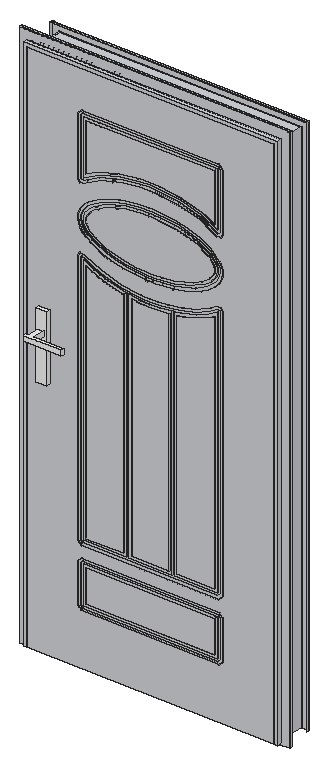
Revit family "GRANIT_4", category Drzwi, Revit 2016
Family settings
  Obiekt nadrzędny = Ściana
  Zawsze pionowo = Tak
  Tnij formami wycięć po wczytaniu = Nie
  Współdzielony = Nie
  Punkt obliczania pomieszczeń = Nie
Parameters (values of type "PN 90")
  URL = "www.porta.com.pl"
  SB = 964 mm
  Producent = "PORTA KMI POLAND"  # constant formula
  Keynote = ""
  Opis = "Własność Porta KMI Poland, wszelkie prawa zastrzeżone."  # constant formula
  Odwzorowanie ramy - zewnętrzne = 25 mm
  Odwzorowanie ramy - wewnętrzne = 25 mm
  Szerokość ramy = 75 mm
  Wysokość = 2056 mm
  Zakończenie ściany = Wg obiektu nadrzędnego
  Szerokość = 984 mm
  Materiał skrzydła [instance] = none
  Materiał ościeżnicy [instance] = none
  Materiał klamki [instance] = none
  Konstrukcja analityczna = "<Brak>"
  Informacja = ""
  Funkcja = Wewnętrzna
Reference planes
  plane 1: y = 0
  plane 2 "Środek (Lewa/Prawa)": x = 0
  plane 3 "Lewy": x = -492
  plane 4 "Prawy": x = 492
  plane 5: z = 2056
  plane 6 "Zewnętrzna": y = 75
  plane 7 "Wewnętrzna": y = -75
  plane 8: z = 184.239
  plane 9: y = -81.983
  plane 10: z = 1520.205
Forms (mm)
  Sweep 1, solid, material <- "Materiał ościeżnicy"
    path in 3D
      loop
        line (-492, -75, 0) -> (-492, -75, 2056) -> (492, -75, 2056) -> (492, -75, 0)
    profile origin (-492, -75, 1028) x (0, -1, 0) y (1, 0, 0)
      loop
        line (8.8, 22.5) -> (8.8, -12.5)
        arc (8.8, -12.5) -> (8.419, -13.419) -> (7.5, -13.8) r 1.3
        line (7.5, -13.8) -> (0, -13.8) -> (0, -15) -> (7.5, -15)
        arc (7.5, -15) -> (9.268, -14.268) -> (10, -12.5) r 2.5
        line (10, -12.5) -> (10, 22.5)
        arc (10, 22.5) -> (9.268, 24.268) -> (7.5, 25) r 2.5
        line (7.5, 25) -> (-33.505, 25)
        arc (-33.505, 25) -> (-34.212, 25.293) -> (-34.505, 26) r 1
        line (-34.505, 26) -> (-34.505, 34.5)
        arc (-34.505, 34.5) -> (-34.212, 35.207) -> (-33.505, 35.5) r 1
        line (-33.505, 35.5) -> (-26.255, 35.5)
        arc (-26.255, 35.5) -> (-24.005, 37.75) -> (-26.255, 40) r 2.25
        line (-26.255, 40) -> (-107.5, 40)
        arc (-107.5, 40) -> (-109.268, 39.268) -> (-110, 37.5) r 2.5
        line (-110, 37.5) -> (-110, 12.5)
        arc (-110, 12.5) -> (-109.268, 10.732) -> (-107.5, 10) r 2.5
        line (-107.5, 10) -> (-100, 10) -> (-100, 11.2) -> (-107.5, 11.2)
        arc (-107.5, 11.2) -> (-108.419, 11.581) -> (-108.8, 12.5) r 1.3
        line (-108.8, 12.5) -> (-108.8, 37.5)
        arc (-108.8, 37.5) -> (-108.419, 38.419) -> (-107.5, 38.8) r 1.3
        line (-107.5, 38.8) -> (-26.255, 38.8)
        arc (-26.255, 38.8) -> (-25.205, 37.75) -> (-26.255, 36.7) r 1.05
        line (-26.255, 36.7) -> (-33.505, 36.7)
        arc (-33.505, 36.7) -> (-35.06, 36.056) -> (-35.705, 34.5) r 2.2
        line (-35.705, 34.5) -> (-35.705, 26)
        arc (-35.705, 26) -> (-35.06, 24.444) -> (-33.505, 23.8) r 2.2
        line (-33.505, 23.8) -> (7.5, 23.8)
        arc (7.5, 23.8) -> (8.419, 23.419) -> (8.8, 22.5) r 1.3
      loop
        arc (-18.755, 35) -> (-20.219, 38.536) -> (-23.755, 40) r 5
        line (-23.755, 40) -> (-23.755, 34) -> (-31.755, 34) -> (-31.755, 26) -> (-18.755, 26) -> (-18.755, 35)
  Extrusion 2, solid, material <- "Materiał skrzydła"
    sketch origin (0, -75, 0) x (1, 0, 0) y (0, 0, 1)
      loop
        line (-463, 2023.457) -> (-463, 8.303) -> (463.032, 8.303) -> (463.032, 2023.457) -> (-463, 2023.457)
    from -17.017 to 30.983
  Sweep 3, solid, material <- "Materiał skrzydła"
    path in 3D
      loop
        line (463.032, -105.983, 8.303) -> (463.032, -105.983, 2023.457) -> (-463, -105.983, 2023.457) -> (-463, -105.983, 8.303)
    profile origin (-463, -105.983, 1015.88) x (-1, 0, 0) y (0, -1, 0)
      loop
        line (0, 0) -> (0, -18) -> (13, -18) -> (13, 0) -> (0, 0)
  Extrusion 4, void
    sketch origin (0, -75, 0) x (1, 0, 0) y (0, 0, 1)
      loop
        line (-272, 1869.742) -> (-272, 1651.091) -> (-264.5, 1638.101) -> (-249.5, 1638.101) -> (-185.194, 1670.866) -> (-107.92, 1691.572) -> (-35.149, 1700.507) -> (0, 1701.734) -> (35.149, 1700.507) -> (107.92, 1691.572) -> (185.194, 1670.866) -> (249.5, 1638.101) -> (264.5, 1638.101) -> (272, 1651.091) -> (272, 1869.742) -> (257, 1884.742) -> (-257, 1884.742) -> (-272, 1869.742)
      loop
        line (272, 1392.296) -> (264.042, 1405.54) -> (248.612, 1404.731) -> (213.627, 1385.339) -> (168.702, 1368.094) -> (110.747, 1352.564) -> (75.269, 1346.945) -> (34.534, 1342.664) -> (0, 1341.458) -> (-34.534, 1342.664) -> (-75.269, 1346.945) -> (-110.747, 1352.564) -> (-168.702, 1368.094) -> (-213.627, 1385.339) -> (-248.612, 1404.731) -> (-264.042, 1405.54) -> (-272, 1392.296) -> (-272, 436.645) -> (-257, 421.645) -> (257, 421.645) -> (272, 436.645) -> (272, 1392.296)
      loop
        line (257, 381.645) -> (-257, 381.645) -> (-272, 366.645) -> (-272, 216.645) -> (-257, 201.645) -> (257, 201.645) -> (272, 216.645) -> (272, 366.645) -> (257, 381.645)
      loop
        line (0, 1646.767) -> (-43.234, 1644.501) -> (-97.932, 1638.752) -> (-141.779, 1628.629) -> (-188.764, 1611.528) -> (-225.745, 1591.029) -> (-243.098, 1577.952) -> (-263.794, 1551.463) -> (-271.172, 1534.081) -> (-272.168, 1522.705) -> (-272.168, 1517.705) -> (-268.509, 1501.858) -> (-259.032, 1483.259) -> (-242.304, 1464.68) -> (-215.369, 1445.111) -> (-173.259, 1425.474) -> (-136.709, 1413.599) -> (-93.981, 1404.516) -> (-52.361, 1398.667) -> (-14.167, 1396.666) -> (0, 1396.666) -> (14.167, 1396.666) -> (52.361, 1398.667) -> (93.981, 1404.516) -> (136.709, 1413.599) -> (173.259, 1425.474) -> (215.369, 1445.111) -> (242.304, 1464.68) -> (259.032, 1483.259) -> (268.509, 1501.858) -> (272.168, 1517.705) -> (272.168, 1522.705) -> (271.172, 1534.081) -> (263.794, 1551.463) -> (243.098, 1577.952) -> (225.745, 1591.029) -> (188.764, 1611.528) -> (141.779, 1628.629) -> (97.932, 1638.752) -> (43.234, 1644.501) -> (0, 1646.767)
      loop
        line (-242, 451.645) -> (-101, 451.645) -> (-101, 1320.647) -> (-116.993, 1323.18) -> (-177.985, 1339.523) -> (-226.337, 1358.083) -> (-242, 1366.765) -> (-242, 451.645)
      loop
        line (-71, 1316.331) -> (-71, 451.645) -> (71, 451.645) -> (71, 1316.331) -> (36.628, 1312.719) -> (0, 1311.44) -> (-36.628, 1312.719) -> (-71, 1316.331)
      loop
        line (116.993, 1323.18) -> (101, 1320.647) -> (101, 451.645) -> (242, 451.645) -> (242, 1366.765) -> (226.337, 1358.083) -> (177.985, 1339.523) -> (116.993, 1323.18)
      loop
        line (-241.701, 1526.732) -> (-242.185, 1521.197) -> (-240.107, 1512.196) -> (-234.095, 1500.398) -> (-222.12, 1487.097) -> (-200.072, 1471.079) -> (-162.243, 1453.439) -> (-128.934, 1442.616) -> (-88.768, 1434.079) -> (-49.483, 1428.558) -> (-13.381, 1426.666) -> (0, 1426.666) -> (13.381, 1426.666) -> (49.483, 1428.558) -> (88.768, 1434.079) -> (128.934, 1442.616) -> (162.243, 1453.439) -> (200.072, 1471.079) -> (222.12, 1487.097) -> (234.095, 1500.398) -> (240.107, 1512.196) -> (242.185, 1521.197) -> (241.701, 1526.732) -> (237.722, 1536.106) -> (221.89, 1556.37) -> (209.366, 1565.808) -> (176.284, 1584.145) -> (133.243, 1599.811) -> (92.972, 1609.108) -> (40.879, 1614.583) -> (0, 1616.726) -> (-40.879, 1614.583) -> (-92.972, 1609.108) -> (-133.243, 1599.811) -> (-176.284, 1584.145) -> (-209.366, 1565.808) -> (-221.89, 1556.37) -> (-237.722, 1536.106) -> (-241.701, 1526.732)
      loop
        line (-242, 1854.742) -> (-242, 1675.592) -> (-196.005, 1699.028) -> (-113.659, 1721.092) -> (-37.505, 1730.443) -> (0, 1731.753) -> (37.505, 1730.443) -> (113.659, 1721.092) -> (196.005, 1699.028) -> (242, 1675.592) -> (242, 1854.742) -> (-242, 1854.742)
      loop
        line (-242, 231.645) -> (242, 231.645) -> (242, 351.645) -> (-242, 351.645) -> (-242, 231.645)
    from 28.362 to 30.983
  Extrusion 5, void
    sketch origin (0, -75, 0) x (1, 0, 0) y (0, 0, 1)
      loop
        line (-272, 1869.742) -> (-272, 1651.091) -> (-264.5, 1638.101) -> (-249.5, 1638.101) -> (-185.194, 1670.866) -> (-107.92, 1691.572) -> (-35.149, 1700.507) -> (0, 1701.734) -> (35.149, 1700.507) -> (107.92, 1691.572) -> (185.194, 1670.866) -> (249.5, 1638.101) -> (264.5, 1638.101) -> (272, 1651.091) -> (272, 1869.742) -> (257, 1884.742) -> (-257, 1884.742) -> (-272, 1869.742)
      loop
        line (272, 1392.296) -> (264.042, 1405.54) -> (248.612, 1404.731) -> (213.627, 1385.339) -> (168.702, 1368.094) -> (110.747, 1352.564) -> (75.269, 1346.945) -> (34.534, 1342.664) -> (0, 1341.458) -> (-34.534, 1342.664) -> (-75.269, 1346.945) -> (-110.747, 1352.564) -> (-168.702, 1368.094) -> (-213.627, 1385.339) -> (-248.612, 1404.731) -> (-264.042, 1405.54) -> (-272, 1392.296) -> (-272, 436.645) -> (-257, 421.645) -> (257, 421.645) -> (272, 436.645) -> (272, 1392.296)
      loop
        line (257, 381.645) -> (-257, 381.645) -> (-272, 366.645) -> (-272, 216.645) -> (-257, 201.645) -> (257, 201.645) -> (272, 216.645) -> (272, 366.645) -> (257, 381.645)
      loop
        line (0, 1646.767) -> (-43.234, 1644.501) -> (-97.932, 1638.752) -> (-141.779, 1628.629) -> (-188.764, 1611.528) -> (-225.745, 1591.029) -> (-243.098, 1577.952) -> (-263.794, 1551.463) -> (-271.172, 1534.081) -> (-272.168, 1522.705) -> (-272.168, 1517.705) -> (-268.509, 1501.858) -> (-259.032, 1483.259) -> (-242.304, 1464.68) -> (-215.369, 1445.111) -> (-173.259, 1425.474) -> (-136.709, 1413.599) -> (-93.981, 1404.516) -> (-52.361, 1398.667) -> (-14.167, 1396.666) -> (0, 1396.666) -> (14.167, 1396.666) -> (52.361, 1398.667) -> (93.981, 1404.516) -> (136.709, 1413.599) -> (173.259, 1425.474) -> (215.369, 1445.111) -> (242.304, 1464.68) -> (259.032, 1483.259) -> (268.509, 1501.858) -> (272.168, 1517.705) -> (272.168, 1522.705) -> (271.172, 1534.081) -> (263.794, 1551.463) -> (243.098, 1577.952) -> (225.745, 1591.029) -> (188.764, 1611.528) -> (141.779, 1628.629) -> (97.932, 1638.752) -> (43.234, 1644.501) -> (0, 1646.767)
      loop
        line (-242, 451.645) -> (-101, 451.645) -> (-101, 1320.647) -> (-116.993, 1323.18) -> (-177.985, 1339.523) -> (-226.337, 1358.083) -> (-242, 1366.765) -> (-242, 451.645)
      loop
        line (-71, 1316.331) -> (-71, 451.645) -> (71, 451.645) -> (71, 1316.331) -> (36.628, 1312.719) -> (0, 1311.44) -> (-36.628, 1312.719) -> (-71, 1316.331)
      loop
        line (116.993, 1323.18) -> (101, 1320.647) -> (101, 451.645) -> (242, 451.645) -> (242, 1366.765) -> (226.337, 1358.083) -> (177.985, 1339.523) -> (116.993, 1323.18)
      loop
        line (-241.701, 1526.732) -> (-242.185, 1521.197) -> (-240.107, 1512.196) -> (-234.095, 1500.398) -> (-222.12, 1487.097) -> (-200.072, 1471.079) -> (-162.243, 1453.439) -> (-128.934, 1442.616) -> (-88.768, 1434.079) -> (-49.483, 1428.558) -> (-13.381, 1426.666) -> (0, 1426.666) -> (13.381, 1426.666) -> (49.483, 1428.558) -> (88.768, 1434.079) -> (128.934, 1442.616) -> (162.243, 1453.439) -> (200.072, 1471.079) -> (222.12, 1487.097) -> (234.095, 1500.398) -> (240.107, 1512.196) -> (242.185, 1521.197) -> (241.701, 1526.732) -> (237.722, 1536.106) -> (221.89, 1556.37) -> (209.366, 1565.808) -> (176.284, 1584.145) -> (133.243, 1599.811) -> (92.972, 1609.108) -> (40.879, 1614.583) -> (0, 1616.726) -> (-40.879, 1614.583) -> (-92.972, 1609.108) -> (-133.243, 1599.811) -> (-176.284, 1584.145) -> (-209.366, 1565.808) -> (-221.89, 1556.37) -> (-237.722, 1536.106) -> (-241.701, 1526.732)
      loop
        line (-242, 1854.742) -> (-242, 1675.592) -> (-196.005, 1699.028) -> (-113.659, 1721.092) -> (-37.505, 1730.443) -> (0, 1731.753) -> (37.505, 1730.443) -> (113.659, 1721.092) -> (196.005, 1699.028) -> (242, 1675.592) -> (242, 1854.742) -> (-242, 1854.742)
      loop
        line (-242, 231.645) -> (242, 231.645) -> (242, 351.645) -> (-242, 351.645) -> (-242, 231.645)
    from -17.017 to -14.371
  Sweep 6, solid, material <- "Materiał skrzydła"
    path in 3D
      loop
        line (-272, -105.983, 1869.742) -> (-257, -105.983, 1884.742) -> (257, -105.983, 1884.742) -> (272, -105.983, 1869.742) -> (272, -105.983, 1651.091) -> (264.5, -105.983, 1638.101) -> (249.5, -105.983, 1638.101) -> (185.194, -105.983, 1670.866) -> (107.92, -105.983, 1691.572) -> (35.149, -105.983, 1700.507) -> (0, -105.983, 1701.734) -> (-35.149, -105.983, 1700.507) -> (-107.92, -105.983, 1691.572) -> (-185.194, -105.983, 1670.866) -> (-249.5, -105.983, 1638.101) -> (-264.5, -105.983, 1638.101) -> (-272, -105.983, 1651.091) -> (-272, -105.983, 1869.742)
    profile origin (-272, -105.983, 1760.417) x (0, -1, 0) y (1, 0, 0)
      loop
        line (-1.31, 0) -> (-1.31, 10) -> (-2.621, 10) -> (-2.621, 0) -> (-1.31, 0)
      loop
        line (-46.69, 0) -> (-45.379, 0) -> (-45.379, 10) -> (-46.69, 10) -> (-46.69, 0)
  Sweep 7, solid, material <- "Materiał skrzydła"
    path in 3D
      loop
        line (-242, -105.983, 1675.592) -> (-196.005, -105.983, 1699.028) -> (-113.659, -105.983, 1721.092) -> (-37.505, -105.983, 1730.443) -> (0, -105.983, 1731.753) -> (37.505, -105.983, 1730.443) -> (113.659, -105.983, 1721.092) -> (196.005, -105.983, 1699.028) -> (242, -105.983, 1675.592) -> (242, -105.983, 1854.742) -> (-242, -105.983, 1854.742) -> (-242, -105.983, 1675.592)
    profile origin (-242, -105.983, 1765.167) x (-1, 0, 0) y (0, -1, 0)
      loop
        line (0, -1.31) -> (0, -2.621) -> (10, -2.621) -> (10, -1.31) -> (0, -1.31)
      loop
        line (0, -46.69) -> (10, -46.69) -> (10, -45.379) -> (0, -45.379) -> (0, -46.69)
  Sweep 8, solid, material <- "Materiał skrzydła"
    path in 3D
      loop
        line (-272.168, -105.983, 1522.705) -> (-271.172, -105.983, 1534.081) -> (-263.794, -105.983, 1551.463) -> (-243.098, -105.983, 1577.952) -> (-225.745, -105.983, 1591.029) -> (-188.764, -105.983, 1611.528) -> (-141.779, -105.983, 1628.629) -> (-97.932, -105.983, 1638.752) -> (-43.234, -105.983, 1644.501) -> (0, -105.983, 1646.767) -> (43.234, -105.983, 1644.501) -> (97.932, -105.983, 1638.752) -> (141.779, -105.983, 1628.629) -> (188.764, -105.983, 1611.528) -> (225.745, -105.983, 1591.029) -> (243.098, -105.983, 1577.952) -> (263.794, -105.983, 1551.463) -> (271.172, -105.983, 1534.081) -> (272.168, -105.983, 1522.705) -> (272.168, -105.983, 1517.705) -> (268.509, -105.983, 1501.858) -> (259.032, -105.983, 1483.259) -> (242.304, -105.983, 1464.68) -> (215.369, -105.983, 1445.111) -> (173.259, -105.983, 1425.474) -> (136.709, -105.983, 1413.599) -> (93.981, -105.983, 1404.516) -> (52.361, -105.983, 1398.667) -> (14.167, -105.983, 1396.666) -> (0, -105.983, 1396.666) -> (-14.167, -105.983, 1396.666) -> (-52.361, -105.983, 1398.667) -> (-93.981, -105.983, 1404.516) -> (-136.709, -105.983, 1413.599) -> (-173.259, -105.983, 1425.474) -> (-215.369, -105.983, 1445.111) -> (-242.304, -105.983, 1464.68) -> (-259.032, -105.983, 1483.259) -> (-268.509, -105.983, 1501.858) -> (-272.168, -105.983, 1517.705) -> (-272.168, -105.983, 1522.705)
    profile origin (-272.168, -105.983, 1520.205) x (0, -1, 0) y (1, 0, 0)
      loop
        line (-1.31, 0) -> (-1.31, 10.168) -> (-2.621, 10.168) -> (-2.621, 0) -> (-1.31, 0)
      loop
        line (-46.69, 0) -> (-45.379, 0) -> (-45.379, 10.168) -> (-46.69, 10.168) -> (-46.69, 0)
  Sweep 9, solid, material <- "Materiał skrzydła"
    path in 3D
      loop
        line (13.381, -105.983, 1426.666) -> (49.483, -105.983, 1428.558) -> (88.768, -105.983, 1434.079) -> (128.934, -105.983, 1442.616) -> (162.243, -105.983, 1453.439) -> (200.072, -105.983, 1471.079) -> (222.12, -105.983, 1487.097) -> (234.095, -105.983, 1500.398) -> (240.107, -105.983, 1512.196) -> (242.185, -105.983, 1521.197) -> (241.701, -105.983, 1526.732) -> (237.722, -105.983, 1536.106) -> (221.89, -105.983, 1556.37) -> (209.366, -105.983, 1565.808) -> (176.284, -105.983, 1584.145) -> (133.243, -105.983, 1599.811) -> (92.972, -105.983, 1609.108) -> (40.879, -105.983, 1614.583) -> (0, -105.983, 1616.726) -> (-40.879, -105.983, 1614.583) -> (-92.972, -105.983, 1609.108) -> (-133.243, -105.983, 1599.811) -> (-176.284, -105.983, 1584.145) -> (-209.366, -105.983, 1565.808) -> (-221.89, -105.983, 1556.37) -> (-237.722, -105.983, 1536.106) -> (-241.701, -105.983, 1526.732) -> (-242.185, -105.983, 1521.197) -> (-240.107, -105.983, 1512.196) -> (-234.095, -105.983, 1500.398) -> (-222.12, -105.983, 1487.097) -> (-200.072, -105.983, 1471.079) -> (-162.243, -105.983, 1453.439) -> (-128.934, -105.983, 1442.616) -> (-88.768, -105.983, 1434.079) -> (-49.483, -105.983, 1428.558) -> (-13.381, -105.983, 1426.666) -> (0, -105.983, 1426.666) -> (13.381, -105.983, 1426.666)
    profile origin (6.691, -105.983, 1426.666) x (0, -1, 0) y (0, 0, -1)
      loop
        line (-1.31, 10) -> (-2.621, 10) -> (-2.621, 0) -> (-1.31, 0) -> (-1.31, 10)
      loop
        line (-46.69, 10) -> (-46.69, 0) -> (-45.379, 0) -> (-45.379, 10) -> (-46.69, 10)
  Sweep 10, solid, material <- "Materiał skrzydła"
    path in 3D
      loop
        line (-272, -105.983, 1392.296) -> (-264.042, -105.983, 1405.54) -> (-248.612, -105.983, 1404.731) -> (-213.627, -105.983, 1385.339) -> (-168.702, -105.983, 1368.094) -> (-110.747, -105.983, 1352.564) -> (-75.269, -105.983, 1346.945) -> (-34.534, -105.983, 1342.664) -> (0, -105.983, 1341.458) -> (34.534, -105.983, 1342.664) -> (75.269, -105.983, 1346.945) -> (110.747, -105.983, 1352.564) -> (168.702, -105.983, 1368.094) -> (213.627, -105.983, 1385.339) -> (248.612, -105.983, 1404.731) -> (264.042, -105.983, 1405.54) -> (272, -105.983, 1392.296) -> (272, -105.983, 436.645) -> (257, -105.983, 421.645) -> (-257, -105.983, 421.645) -> (-272, -105.983, 436.645) -> (-272, -105.983, 1392.296)
    profile origin (-272, -105.983, 914.47) x (0, -1, 0) y (1, 0, 0)
      loop
        line (-1.31, 0) -> (-1.31, 10) -> (-2.621, 10) -> (-2.621, 0) -> (-1.31, 0)
      loop
        line (-46.69, 0) -> (-45.379, 0) -> (-45.379, 10) -> (-46.69, 10) -> (-46.69, 0)
  Sweep 11, solid, material <- "Materiał skrzydła"
    path in 3D
      loop
        line (-242, -105.983, 451.645) -> (-101, -105.983, 451.645) -> (-101, -105.983, 1320.647) -> (-116.993, -105.983, 1323.18) -> (-177.985, -105.983, 1339.523) -> (-226.337, -105.983, 1358.083) -> (-242, -105.983, 1366.765) -> (-242, -105.983, 451.645)
    profile origin (-242, -105.983, 909.205) x (-1, 0, 0) y (0, -1, 0)
      loop
        line (0, -1.31) -> (0, -2.621) -> (10, -2.621) -> (10, -1.31) -> (0, -1.31)
      loop
        line (0, -46.69) -> (10, -46.69) -> (10, -45.379) -> (0, -45.379) -> (0, -46.69)
  Sweep 12, solid, material <- "Materiał skrzydła"
    path in 3D
      loop
        line (-71, -105.983, 451.645) -> (71, -105.983, 451.645) -> (71, -105.983, 1316.331) -> (36.628, -105.983, 1312.719) -> (0, -105.983, 1311.44) -> (-36.628, -105.983, 1312.719) -> (-71, -105.983, 1316.331) -> (-71, -105.983, 451.645)
    profile origin (-71, -105.983, 883.988) x (-1, 0, 0) y (0, -1, 0)
      loop
        line (0, -1.31) -> (0, -2.621) -> (10, -2.621) -> (10, -1.31) -> (0, -1.31)
      loop
        line (0, -46.69) -> (10, -46.69) -> (10, -45.379) -> (0, -45.379) -> (0, -46.69)
  Sweep 13, solid, material <- "Materiał skrzydła"
    path in 3D
      loop
        line (101, -105.983, 451.645) -> (242, -105.983, 451.645) -> (242, -105.983, 1366.765) -> (226.337, -105.983, 1358.083) -> (177.985, -105.983, 1339.523) -> (116.993, -105.983, 1323.18) -> (101, -105.983, 1320.647) -> (101, -105.983, 451.645)
    profile origin (101, -105.983, 886.146) x (-1, 0, 0) y (0, -1, 0)
      loop
        line (0, -1.31) -> (0, -2.621) -> (10, -2.621) -> (10, -1.31) -> (0, -1.31)
      loop
        line (0, -46.69) -> (10, -46.69) -> (10, -45.379) -> (0, -45.379) -> (0, -46.69)
  Sweep 14, solid, material <- "Materiał skrzydła"
    path in 3D
      loop
        line (-272, -105.983, 366.645) -> (-257, -105.983, 381.645) -> (257, -105.983, 381.645) -> (272, -105.983, 366.645) -> (272, -105.983, 216.645) -> (257, -105.983, 201.645) -> (-257, -105.983, 201.645) -> (-272, -105.983, 216.645) -> (-272, -105.983, 366.645)
    profile origin (-272, -105.983, 291.645) x (0, -1, 0) y (1, 0, 0)
      loop
        line (-1.31, 0) -> (-1.31, 10) -> (-2.621, 10) -> (-2.621, 0) -> (-1.31, 0)
      loop
        line (-46.69, 0) -> (-45.379, 0) -> (-45.379, 10) -> (-46.69, 10) -> (-46.69, 0)
  Sweep 15, solid, material <- "Materiał skrzydła"
    path in 3D
      loop
        line (-242, -105.983, 231.645) -> (242, -105.983, 231.645) -> (242, -105.983, 351.645) -> (-242, -105.983, 351.645) -> (-242, -105.983, 231.645)
    profile origin (-242, -105.983, 291.645) x (-1, 0, 0) y (0, -1, 0)
      loop
        line (0, -1.31) -> (0, -2.621) -> (10, -2.621) -> (10, -1.31) -> (0, -1.31)
      loop
        line (0, -46.69) -> (10, -46.69) -> (10, -45.379) -> (0, -45.379) -> (0, -46.69)
Cuts and joins
  Extrusion 4 cuts Sweep 1
  Extrusion 4, Extrusion 5 cuts Extrusion 2
  Extrusion 5 cuts Sweep 3
Lines and regions (mm)
  Opening 1
    outline origin (-3050, -75, 0) x (1, 0, 0) y (0, 0, 1)
      loop
        line (2558, 0) -> (3542, 0) -> (3542, 2056) -> (2558, 2056) -> (2558, 0)
  model lines, style "s-główna"
    curve 1: line (-525, 75, 0) -> (-520, 75, 0)
    curve 2: line (-522, -75, 0) -> (-527, -75, 0)
  symbolic lines
    curve 3: line (492, -75, 0) -> (492, -1059.257, 0)
    curve 4: line (492, -1059.257, 0) -> (444, -1059.257, 0)
    curve 5: line (444, -1059.257, 0) -> (444, -75, 0)
    curve 6: line (444, -75, 0) -> (492, -75, 0)
    curve 7: arc (-492, -75, 0) -> (-220.562, -753.61, 0) -> (444, -1057.829, 0) r 984
  sketch lines
    curve 8: line (-492, -75, 0) -> (-492, -75, 2056)
    curve 9: line (-492, -75, 2056) -> (492, -75, 2056)
    curve 10: line (492, -75, 2056) -> (492, -75, 0)
    curve 11: line (-463, -105.983, 2023.457) -> (-463, -105.983, 8.303)
    curve 12: line (463.032, -105.983, 2023.457) -> (-463, -105.983, 2023.457)
    curve 13: line (463.032, -105.983, 8.303) -> (463.032, -105.983, 2023.457)
    curve 14: line (-272, -105.983, 1651.091) -> (-272, -105.983, 1869.742)
    curve 15: line (-272, -105.983, 1869.742) -> (-257, -105.983, 1884.742)
    curve 16: line (-257, -105.983, 1884.742) -> (257, -105.983, 1884.742)
    curve 17: line (257, -105.983, 1884.742) -> (272, -105.983, 1869.742)
    curve 18: line (272, -105.983, 1869.742) -> (272, -105.983, 1651.091)
    curve 19: line (272, -105.983, 1651.091) -> (264.5, -105.983, 1638.101)
    curve 20: line (264.5, -105.983, 1638.101) -> (249.5, -105.983, 1638.101)
    curve 21: line (249.5, -105.983, 1638.101) -> (185.194, -105.983, 1670.866)
    curve 22: line (185.194, -105.983, 1670.866) -> (107.92, -105.983, 1691.572)
    curve 23: line (107.92, -105.983, 1691.572) -> (35.149, -105.983, 1700.507)
    curve 24: line (35.149, -105.983, 1700.507) -> (0, -105.983, 1701.734)
    curve 25: line (0, -105.983, 1701.734) -> (-35.149, -105.983, 1700.507)
    curve 26: line (-35.149, -105.983, 1700.507) -> (-107.92, -105.983, 1691.572)
    curve 27: line (-107.92, -105.983, 1691.572) -> (-185.194, -105.983, 1670.866)
    curve 28: line (-185.194, -105.983, 1670.866) -> (-249.5, -105.983, 1638.101)
    curve 29: line (-249.5, -105.983, 1638.101) -> (-264.5, -105.983, 1638.101)
    curve 30: line (-264.5, -105.983, 1638.101) -> (-272, -105.983, 1651.091)
    curve 31: line (-242, -105.983, 1854.742) -> (-242, -105.983, 1675.592)
    curve 32: line (242, -105.983, 1854.742) -> (-242, -105.983, 1854.742)
    curve 33: line (242, -105.983, 1675.592) -> (242, -105.983, 1854.742)
    curve 34: line (196.005, -105.983, 1699.028) -> (242, -105.983, 1675.592)
    curve 35: line (113.659, -105.983, 1721.092) -> (196.005, -105.983, 1699.028)
    curve 36: line (37.505, -105.983, 1730.443) -> (113.659, -105.983, 1721.092)
    curve 37: line (0, -105.983, 1731.753) -> (37.505, -105.983, 1730.443)
    curve 38: line (-37.505, -105.983, 1730.443) -> (0, -105.983, 1731.753)
    curve 39: line (-113.659, -105.983, 1721.092) -> (-37.505, -105.983, 1730.443)
    curve 40: line (-196.005, -105.983, 1699.028) -> (-113.659, -105.983, 1721.092)
    curve 41: line (-242, -105.983, 1675.592) -> (-196.005, -105.983, 1699.028)
    curve 42: line (-272.168, -105.983, 1517.705) -> (-272.168, -105.983, 1522.705)
    curve 43: line (-272.168, -105.983, 1522.705) -> (-271.172, -105.983, 1534.081)
    curve 44: line (-271.172, -105.983, 1534.081) -> (-263.794, -105.983, 1551.463)
    curve 45: line (-263.794, -105.983, 1551.463) -> (-243.098, -105.983, 1577.952)
    curve 46: line (-243.098, -105.983, 1577.952) -> (-225.745, -105.983, 1591.029)
    curve 47: line (-225.745, -105.983, 1591.029) -> (-188.764, -105.983, 1611.528)
    curve 48: line (-188.764, -105.983, 1611.528) -> (-141.779, -105.983, 1628.629)
    curve 49: line (-141.779, -105.983, 1628.629) -> (-97.932, -105.983, 1638.752)
    curve 50: line (-97.932, -105.983, 1638.752) -> (-43.234, -105.983, 1644.501)
    curve 51: line (-43.234, -105.983, 1644.501) -> (0, -105.983, 1646.767)
    curve 52: line (0, -105.983, 1646.767) -> (43.234, -105.983, 1644.501)
    curve 53: line (43.234, -105.983, 1644.501) -> (97.932, -105.983, 1638.752)
    curve 54: line (97.932, -105.983, 1638.752) -> (141.779, -105.983, 1628.629)
    curve 55: line (141.779, -105.983, 1628.629) -> (188.764, -105.983, 1611.528)
    curve 56: line (188.764, -105.983, 1611.528) -> (225.745, -105.983, 1591.029)
    curve 57: line (225.745, -105.983, 1591.029) -> (243.098, -105.983, 1577.952)
    curve 58: line (243.098, -105.983, 1577.952) -> (263.794, -105.983, 1551.463)
    curve 59: line (263.794, -105.983, 1551.463) -> (271.172, -105.983, 1534.081)
    curve 60: line (271.172, -105.983, 1534.081) -> (272.168, -105.983, 1522.705)
    curve 61: line (272.168, -105.983, 1522.705) -> (272.168, -105.983, 1517.705)
    curve 62: line (272.168, -105.983, 1517.705) -> (268.509, -105.983, 1501.858)
    curve 63: line (268.509, -105.983, 1501.858) -> (259.032, -105.983, 1483.259)
    curve 64: line (259.032, -105.983, 1483.259) -> (242.304, -105.983, 1464.68)
    curve 65: line (242.304, -105.983, 1464.68) -> (215.369, -105.983, 1445.111)
    curve 66: line (215.369, -105.983, 1445.111) -> (173.259, -105.983, 1425.474)
    curve 67: line (173.259, -105.983, 1425.474) -> (136.709, -105.983, 1413.599)
    curve 68: line (136.709, -105.983, 1413.599) -> (93.981, -105.983, 1404.516)
    curve 69: line (93.981, -105.983, 1404.516) -> (52.361, -105.983, 1398.667)
    curve 70: line (52.361, -105.983, 1398.667) -> (14.167, -105.983, 1396.666)
    curve 71: line (14.167, -105.983, 1396.666) -> (0, -105.983, 1396.666)
    curve 72: line (0, -105.983, 1396.666) -> (-14.167, -105.983, 1396.666)
    curve 73: line (-14.167, -105.983, 1396.666) -> (-52.361, -105.983, 1398.667)
    curve 74: line (-52.361, -105.983, 1398.667) -> (-93.981, -105.983, 1404.516)
    curve 75: line (-93.981, -105.983, 1404.516) -> (-136.709, -105.983, 1413.599)
    curve 76: line (-136.709, -105.983, 1413.599) -> (-173.259, -105.983, 1425.474)
    curve 77: line (-173.259, -105.983, 1425.474) -> (-215.369, -105.983, 1445.111)
    curve 78: line (-215.369, -105.983, 1445.111) -> (-242.304, -105.983, 1464.68)
    curve 79: line (-242.304, -105.983, 1464.68) -> (-259.032, -105.983, 1483.259)
    curve 80: line (-259.032, -105.983, 1483.259) -> (-268.509, -105.983, 1501.858)
    curve 81: line (-268.509, -105.983, 1501.858) -> (-272.168, -105.983, 1517.705)
    curve 82: line (0, -105.983, 1426.666) -> (13.381, -105.983, 1426.666)
    curve 83: line (-13.381, -105.983, 1426.666) -> (0, -105.983, 1426.666)
    curve 84: line (-49.483, -105.983, 1428.558) -> (-13.381, -105.983, 1426.666)
    curve 85: line (-88.768, -105.983, 1434.079) -> (-49.483, -105.983, 1428.558)
    curve 86: line (-128.934, -105.983, 1442.616) -> (-88.768, -105.983, 1434.079)
    curve 87: line (-162.243, -105.983, 1453.439) -> (-128.934, -105.983, 1442.616)
    curve 88: line (-200.072, -105.983, 1471.079) -> (-162.243, -105.983, 1453.439)
    curve 89: line (-222.12, -105.983, 1487.097) -> (-200.072, -105.983, 1471.079)
    curve 90: line (-234.095, -105.983, 1500.398) -> (-222.12, -105.983, 1487.097)
    curve 91: line (-240.107, -105.983, 1512.196) -> (-234.095, -105.983, 1500.398)
    curve 92: line (-242.185, -105.983, 1521.197) -> (-240.107, -105.983, 1512.196)
    curve 93: line (-241.701, -105.983, 1526.732) -> (-242.185, -105.983, 1521.197)
    curve 94: line (-237.722, -105.983, 1536.106) -> (-241.701, -105.983, 1526.732)
    curve 95: line (-221.89, -105.983, 1556.37) -> (-237.722, -105.983, 1536.106)
    curve 96: line (-209.366, -105.983, 1565.808) -> (-221.89, -105.983, 1556.37)
    curve 97: line (-176.284, -105.983, 1584.145) -> (-209.366, -105.983, 1565.808)
    curve 98: line (-133.243, -105.983, 1599.811) -> (-176.284, -105.983, 1584.145)
    curve 99: line (-92.972, -105.983, 1609.108) -> (-133.243, -105.983, 1599.811)
    curve 100: line (-40.879, -105.983, 1614.583) -> (-92.972, -105.983, 1609.108)
    curve 101: line (0, -105.983, 1616.726) -> (-40.879, -105.983, 1614.583)
    curve 102: line (40.879, -105.983, 1614.583) -> (0, -105.983, 1616.726)
    curve 103: line (92.972, -105.983, 1609.108) -> (40.879, -105.983, 1614.583)
    curve 104: line (133.243, -105.983, 1599.811) -> (92.972, -105.983, 1609.108)
    curve 105: line (176.284, -105.983, 1584.145) -> (133.243, -105.983, 1599.811)
    curve 106: line (209.366, -105.983, 1565.808) -> (176.284, -105.983, 1584.145)
    curve 107: line (221.89, -105.983, 1556.37) -> (209.366, -105.983, 1565.808)
    curve 108: line (237.722, -105.983, 1536.106) -> (221.89, -105.983, 1556.37)
    curve 109: line (241.701, -105.983, 1526.732) -> (237.722, -105.983, 1536.106)
    curve 110: line (242.185, -105.983, 1521.197) -> (241.701, -105.983, 1526.732)
    curve 111: line (240.107, -105.983, 1512.196) -> (242.185, -105.983, 1521.197)
    curve 112: line (234.095, -105.983, 1500.398) -> (240.107, -105.983, 1512.196)
    curve 113: line (222.12, -105.983, 1487.097) -> (234.095, -105.983, 1500.398)
    curve 114: line (200.072, -105.983, 1471.079) -> (222.12, -105.983, 1487.097)
    curve 115: line (162.243, -105.983, 1453.439) -> (200.072, -105.983, 1471.079)
    curve 116: line (128.934, -105.983, 1442.616) -> (162.243, -105.983, 1453.439)
    curve 117: line (88.768, -105.983, 1434.079) -> (128.934, -105.983, 1442.616)
    curve 118: line (49.483, -105.983, 1428.558) -> (88.768, -105.983, 1434.079)
    curve 119: line (13.381, -105.983, 1426.666) -> (49.483, -105.983, 1428.558)
    curve 120: line (-272, -105.983, 436.645) -> (-272, -105.983, 1392.296)
    curve 121: line (-272, -105.983, 1392.296) -> (-264.042, -105.983, 1405.54)
    curve 122: line (-264.042, -105.983, 1405.54) -> (-248.612, -105.983, 1404.731)
    curve 123: line (-248.612, -105.983, 1404.731) -> (-213.627, -105.983, 1385.339)
    curve 124: line (-213.627, -105.983, 1385.339) -> (-168.702, -105.983, 1368.094)
    curve 125: line (-168.702, -105.983, 1368.094) -> (-110.747, -105.983, 1352.564)
    curve 126: line (-110.747, -105.983, 1352.564) -> (-75.269, -105.983, 1346.945)
    curve 127: line (-75.269, -105.983, 1346.945) -> (-34.534, -105.983, 1342.664)
    curve 128: line (-34.534, -105.983, 1342.664) -> (0, -105.983, 1341.458)
    curve 129: line (0, -105.983, 1341.458) -> (34.534, -105.983, 1342.664)
    curve 130: line (34.534, -105.983, 1342.664) -> (75.269, -105.983, 1346.945)
    curve 131: line (75.269, -105.983, 1346.945) -> (110.747, -105.983, 1352.564)
    curve 132: line (110.747, -105.983, 1352.564) -> (168.702, -105.983, 1368.094)
    curve 133: line (168.702, -105.983, 1368.094) -> (213.627, -105.983, 1385.339)
    curve 134: line (213.627, -105.983, 1385.339) -> (248.612, -105.983, 1404.731)
    curve 135: line (248.612, -105.983, 1404.731) -> (264.042, -105.983, 1405.54)
    curve 136: line (264.042, -105.983, 1405.54) -> (272, -105.983, 1392.296)
    curve 137: line (272, -105.983, 1392.296) -> (272, -105.983, 436.645)
    curve 138: line (272, -105.983, 436.645) -> (257, -105.983, 421.645)
    curve 139: line (257, -105.983, 421.645) -> (-257, -105.983, 421.645)
    curve 140: line (-257, -105.983, 421.645) -> (-272, -105.983, 436.645)
    curve 141: line (-242, -105.983, 1366.765) -> (-242, -105.983, 451.645)
    curve 142: line (-226.337, -105.983, 1358.083) -> (-242, -105.983, 1366.765)
    curve 143: line (-177.985, -105.983, 1339.523) -> (-226.337, -105.983, 1358.083)
    curve 144: line (-116.993, -105.983, 1323.18) -> (-177.985, -105.983, 1339.523)
    curve 145: line (-101, -105.983, 1320.647) -> (-116.993, -105.983, 1323.18)
    curve 146: line (-101, -105.983, 451.645) -> (-101, -105.983, 1320.647)
    curve 147: line (-242, -105.983, 451.645) -> (-101, -105.983, 451.645)
    curve 148: line (-71, -105.983, 1316.331) -> (-71, -105.983, 451.645)
    curve 149: line (-36.628, -105.983, 1312.719) -> (-71, -105.983, 1316.331)
    curve 150: line (0, -105.983, 1311.44) -> (-36.628, -105.983, 1312.719)
    curve 151: line (36.628, -105.983, 1312.719) -> (0, -105.983, 1311.44)
    curve 152: line (71, -105.983, 1316.331) -> (36.628, -105.983, 1312.719)
    curve 153: line (71, -105.983, 451.645) -> (71, -105.983, 1316.331)
    curve 154: line (-71, -105.983, 451.645) -> (71, -105.983, 451.645)
    curve 155: line (101, -105.983, 1320.647) -> (101, -105.983, 451.645)
    curve 156: line (116.993, -105.983, 1323.18) -> (101, -105.983, 1320.647)
    curve 157: line (177.985, -105.983, 1339.523) -> (116.993, -105.983, 1323.18)
    curve 158: line (226.337, -105.983, 1358.083) -> (177.985, -105.983, 1339.523)
    curve 159: line (242, -105.983, 1366.765) -> (226.337, -105.983, 1358.083)
    curve 160: line (242, -105.983, 451.645) -> (242, -105.983, 1366.765)
    curve 161: line (101, -105.983, 451.645) -> (242, -105.983, 451.645)
    curve 162: line (-272, -105.983, 216.645) -> (-272, -105.983, 366.645)
    curve 163: line (-272, -105.983, 366.645) -> (-257, -105.983, 381.645)
    curve 164: line (-257, -105.983, 381.645) -> (257, -105.983, 381.645)
    curve 165: line (257, -105.983, 381.645) -> (272, -105.983, 366.645)
    curve 166: line (272, -105.983, 366.645) -> (272, -105.983, 216.645)
    curve 167: line (272, -105.983, 216.645) -> (257, -105.983, 201.645)
    curve 168: line (257, -105.983, 201.645) -> (-257, -105.983, 201.645)
    curve 169: line (-257, -105.983, 201.645) -> (-272, -105.983, 216.645)
    curve 170: line (-242, -105.983, 351.645) -> (-242, -105.983, 231.645)
    curve 171: line (242, -105.983, 351.645) -> (-242, -105.983, 351.645)
    curve 172: line (242, -105.983, 231.645) -> (242, -105.983, 351.645)
    curve 173: line (-242, -105.983, 231.645) -> (242, -105.983, 231.645)
Text (mm)
  text "Zewnętrzna" at (-2295.016, 1099.543, 0), in view "Poziom odniesienia"
  text "Zewnętrzna" at (0, 1615.38, 3698.081), in view "Lewy"
  text "Zewnętrzna" at (0, 1036.032, 3874.932), in view "Prawy"
Dimensions and locks
  equal spacing: plane 3 "Lewy", plane 2 "Środek (Lewa/Prawa)", plane 4 "Prawy"
  "Szerokość": plane 3 "Lewy" to plane 4 "Prawy"
  "Wysokość": plane 5 to host wall
  host wall to plane 5 = 2056 mm  (x2)
  locked: plane 6 "Zewnętrzna" to host wall at 0
  locked: plane 7 "Wewnętrzna" to host wall
  locked: curve 5 to curve 3 at 48
  "SB": Sweep 1 to Sweep 1
  locked: Extrusion 2 to Extrusion 2 at 48
  locked: Sweep 1 to Extrusion 2 at 4
  locked: Extrusion 2 to plane 7 "Wewnętrzna" at 17.017
  locked: Extrusion 2 to Sweep 1 at 3.968
  locked: level to Extrusion 2 at 8.303
  locked: Extrusion 2 to Sweep 1 at 7.543
  locked: Extrusion 2 to nested 3 at 65
  locked: Extrusion 2 to nested 2 at 65
  locked: nested 2 to Extrusion 2 at 1094
  locked: Extrusion 2 to nested 3 at 1094
  locked: plane 9 to plane 7 "Wewnętrzna" at 6.983
  aligned and locked: plane 3 "Lewy" to Opening 1 sketch curve
  aligned and locked: plane 5 to Opening 1 sketch curve  (x2)
  aligned and locked: Opening 1 sketch curve to plane 4 "Prawy"
  aligned and locked: Opening 1 sketch curve to level
  aligned and locked: plane 1 to host wall
Automatic sketch dimensions
  curve 2 to host wall = 0 mm
  curve 1 to host wall = 0 mm
  curve 7 to host wall = 0 mm
  curve 7 to plane 3 "Lewy" = 0 mm
  curve 6 to host wall = 0 mm
  curve 6 to plane 4 "Prawy" = 0 mm
  curve 7 to plane 4 "Prawy" = 0 mm
  plane 3 "Lewy" to curve 1 = 28 mm
  plane 3 "Lewy" to curve 2 = 30 mm
  curve 1 to curve 1 = 5 mm
  curve 2 to curve 2 = 5 mm
  curve 4 to curve 7 = 1.429 mm
  Sweep 1 sketch curve to Sweep 1 sketch curve = 0 mm  (x15)
  Sweep 1 sketch curve to profile plane = 0 mm
  profile plane to Sweep 1 sketch curve = 18.755 mm
  Sweep 1 sketch curve to Sweep 1 sketch curve = 5 mm
  Sweep 1 sketch curve to Sweep 1 sketch curve = 2.5 mm
  Sweep 1 sketch curve to Sweep 1 sketch curve = 5.5 mm
  Sweep 1 sketch curve to Sweep 1 sketch curve = 1.75 mm  (x2)
  Sweep 1 sketch curve to Sweep 1 sketch curve = 1 mm  (x2)
  Sweep 1 sketch curve to Sweep 1 sketch curve = 1.2 mm
  profile plane to Sweep 1 sketch curve = 10 mm
  Sweep 1 sketch curve to Sweep 1 sketch curve = 64.295 mm
  Sweep 1 sketch curve to Sweep 1 sketch curve = 7.5 mm  (x2)
  Sweep 1 sketch curve to Sweep 1 sketch curve = 1.3 mm  (x2)
  Sweep 1 sketch curve to profile plane = 7.5 mm  (x2)
  Sweep 1 sketch curve to profile plane = 12.5 mm
  profile plane to Sweep 1 sketch curve = 22.5 mm
  Sweep 1 sketch curve to Sweep 1 sketch curve = 8 mm
  Sweep 1 sketch curve to Sweep 1 sketch curve = 0.5 mm
  Sweep 1 sketch curve to Sweep 1 sketch curve = 25 mm
  level to Extrusion 2 sketch curve = 8.303 mm
  Extrusion 2 sketch curve to plane 3 "Lewy" = 29 mm
  plane 4 "Prawy" to Extrusion 2 sketch curve = 28.968 mm
  plane 5 to Extrusion 2 sketch curve = 32.543 mm
  Sweep 3 sketch curve to profile plane = 0 mm  (x2)
  profile plane to Sweep 3 sketch curve = 13 mm
  Sweep 3 sketch curve to Sweep 3 sketch curve = 18 mm
  Extrusion 4 sketch curve to plane 2 "Środek (Lewa/Prawa)" = 0 mm  (x8)
  Extrusion 4 sketch curve to plane 2 "Środek (Lewa/Prawa)" = 13.381 mm
  Extrusion 4 sketch curve to plane 2 "Środek (Lewa/Prawa)" = 14.167 mm
  Extrusion 4 sketch curve to plane 2 "Środek (Lewa/Prawa)" = 34.534 mm
  Extrusion 4 sketch curve to plane 2 "Środek (Lewa/Prawa)" = 35.149 mm
  Extrusion 4 sketch curve to Extrusion 4 sketch curve = 2.094 mm  (x2)
  Extrusion 4 sketch curve to Extrusion 4 sketch curve = 2.356 mm  (x2)
  Extrusion 4 sketch curve to plane 2 "Środek (Lewa/Prawa)" = 40.879 mm
  Extrusion 4 sketch curve to Extrusion 4 sketch curve = 2.355 mm  (x2)
  Extrusion 4 sketch curve to Extrusion 4 sketch curve = 36.102 mm  (x2)
  Extrusion 4 sketch curve to Extrusion 4 sketch curve = 2.878 mm  (x2)
  Extrusion 4 sketch curve to plane 2 "Środek (Lewa/Prawa)" = 71 mm
  Extrusion 4 sketch curve to Extrusion 4 sketch curve = 4.269 mm  (x2)
  Extrusion 4 sketch curve to Extrusion 4 sketch curve = 39.285 mm  (x2)
  Extrusion 4 sketch curve to Extrusion 4 sketch curve = 52.093 mm  (x2)
  Extrusion 4 sketch curve to Extrusion 4 sketch curve = 5.213 mm  (x2)
  Extrusion 4 sketch curve to Extrusion 4 sketch curve = 4.961 mm  (x2)
  Extrusion 4 sketch curve to Extrusion 4 sketch curve = 30 mm  (x4)
  Extrusion 4 sketch curve to Extrusion 4 sketch curve = 9.988 mm  (x2)
  Extrusion 4 sketch curve to Extrusion 4 sketch curve = 9.747 mm  (x2)
  Extrusion 4 sketch curve to Extrusion 4 sketch curve = 5.738 mm  (x2)
  Extrusion 4 sketch curve to Extrusion 4 sketch curve = 15.993 mm  (x2)
  Extrusion 4 sketch curve to Extrusion 4 sketch curve = 40.166 mm  (x2)
  Extrusion 4 sketch curve to Extrusion 4 sketch curve = 40.271 mm  (x2)
  Extrusion 4 sketch curve to Extrusion 4 sketch curve = 7.775 mm  (x2)
  Extrusion 4 sketch curve to Extrusion 4 sketch curve = 8.536 mm  (x2)
  Extrusion 4 sketch curve to Extrusion 4 sketch curve = 33.309 mm  (x2)
  Extrusion 4 sketch curve to Extrusion 4 sketch curve = 31.993 mm  (x2)
  Extrusion 4 sketch curve to Extrusion 4 sketch curve = 11.016 mm  (x2)
  Extrusion 4 sketch curve to Extrusion 4 sketch curve = 43.042 mm  (x2)
  Extrusion 4 sketch curve to Extrusion 4 sketch curve = 9.283 mm  (x2)
  Extrusion 4 sketch curve to Extrusion 4 sketch curve = 43.416 mm  (x2)
  Extrusion 4 sketch curve to Extrusion 4 sketch curve = 12.479 mm  (x2)
  Extrusion 4 sketch curve to Extrusion 4 sketch curve = 10.81 mm  (x2)
  Extrusion 4 sketch curve to Extrusion 4 sketch curve = 37.829 mm  (x2)
  Extrusion 4 sketch curve to Extrusion 4 sketch curve = 33.081 mm  (x2)
  Extrusion 4 sketch curve to Extrusion 4 sketch curve = 44.925 mm  (x2)
  Extrusion 4 sketch curve to Extrusion 4 sketch curve = 15.297 mm  (x2)
  Extrusion 4 sketch curve to Extrusion 4 sketch curve = 12.524 mm  (x2)
  Extrusion 4 sketch curve to Extrusion 4 sketch curve = 22.047 mm  (x2)
  Extrusion 4 sketch curve to Extrusion 4 sketch curve = 16.379 mm  (x2)
  Extrusion 4 sketch curve to Extrusion 4 sketch curve = 12.71 mm  (x2)
  Extrusion 4 sketch curve to Extrusion 4 sketch curve = 11.976 mm  (x2)
  Extrusion 4 sketch curve to Extrusion 4 sketch curve = 15.832 mm  (x2)
  Extrusion 4 sketch curve to Extrusion 4 sketch curve = 6.011 mm  (x2)
  Extrusion 4 sketch curve to Extrusion 4 sketch curve = 3.979 mm  (x2)
  plane 8 to Extrusion 4 sketch curve = 47.405 mm
  Extrusion 4 sketch curve to plane 2 "Środek (Lewa/Prawa)" = 242 mm
  Extrusion 4 sketch curve to Extrusion 4 sketch curve = 0 mm  (x3)
  Extrusion 4 sketch curve to Extrusion 4 sketch curve = 45.995 mm  (x2)
  Extrusion 4 sketch curve to Extrusion 4 sketch curve = 0.484 mm  (x2)
  Extrusion 4 sketch curve to Extrusion 4 sketch curve = 20.184 mm  (x2)
  Extrusion 4 sketch curve to Extrusion 4 sketch curve = 17.354 mm  (x2)
  Extrusion 4 sketch curve to Extrusion 4 sketch curve = 6.612 mm  (x2)
  Extrusion 4 sketch curve to Extrusion 4 sketch curve = 7.5 mm  (x3)
  plane 8 to Extrusion 4 sketch curve = 17.405 mm
  Extrusion 4 sketch curve to Extrusion 4 sketch curve = 15 mm  (x26)
  Extrusion 4 sketch curve to Extrusion 4 sketch curve = 16.728 mm  (x2)
  Extrusion 4 sketch curve to Extrusion 4 sketch curve = 26.072 mm  (x2)
  Extrusion 4 sketch curve to Extrusion 4 sketch curve = 15.43 mm  (x2)
  Extrusion 4 sketch curve to Extrusion 4 sketch curve = 9.477 mm  (x2)
  Extrusion 4 sketch curve to Extrusion 4 sketch curve = 7.379 mm  (x2)
  Extrusion 4 sketch curve to Extrusion 4 sketch curve = 0.995 mm
  Extrusion 4 sketch curve to Extrusion 4 sketch curve = 13.381 mm
  Extrusion 4 sketch curve to Extrusion 4 sketch curve = 14.167 mm
  plane 2 "Środek (Lewa/Prawa)" to Extrusion 4 sketch curve = 34.534 mm
  plane 2 "Środek (Lewa/Prawa)" to Extrusion 4 sketch curve = 35.149 mm
  plane 2 "Środek (Lewa/Prawa)" to Extrusion 4 sketch curve = 40.879 mm
  Extrusion 4 sketch curve to Extrusion 4 sketch curve = 34.372 mm
  Extrusion 4 sketch curve to Extrusion 4 sketch curve = 15.663 mm
  Extrusion 4 sketch curve to Extrusion 4 sketch curve = 3.658 mm
  Extrusion 4 sketch curve to Extrusion 4 sketch curve = 120 mm
  Extrusion 4 sketch curve to Extrusion 4 sketch curve = 40 mm
  plane 5 to Extrusion 4 sketch curve = 744.56 mm
  Extrusion 4 sketch curve to Extrusion 4 sketch curve = 1.279 mm  (x2)
  Extrusion 4 sketch curve to Extrusion 4 sketch curve = 3.613 mm  (x2)
  Extrusion 4 sketch curve to Extrusion 4 sketch curve = 4.315 mm  (x2)
  Extrusion 4 sketch curve to Extrusion 4 sketch curve = 2.533 mm  (x2)
  Extrusion 4 sketch curve to Extrusion 4 sketch curve = 16.343 mm  (x2)
  Extrusion 4 sketch curve to Extrusion 4 sketch curve = 30.018 mm  (x2)
  Extrusion 4 sketch curve to Extrusion 4 sketch curve = 29.945 mm  (x2)
  Extrusion 4 sketch curve to Extrusion 4 sketch curve = 30.614 mm  (x2)
  Extrusion 4 sketch curve to Extrusion 4 sketch curve = 29.385 mm  (x2)
  Extrusion 4 sketch curve to Extrusion 4 sketch curve = 18.56 mm  (x2)
  Extrusion 4 sketch curve to Extrusion 4 sketch curve = 8.682 mm  (x2)
  Extrusion 4 sketch curve to Extrusion 4 sketch curve = 28.571 mm  (x2)
  Extrusion 4 sketch curve to Extrusion 4 sketch curve = 27.256 mm  (x2)
  Extrusion 4 sketch curve to Extrusion 4 sketch curve = 25.53 mm  (x2)
  Extrusion 4 sketch curve to Extrusion 4 sketch curve = 55.208 mm
  Extrusion 4 sketch curve to Extrusion 4 sketch curve = 2.002 mm  (x2)
  Extrusion 4 sketch curve to Extrusion 4 sketch curve = 5.849 mm  (x2)
  Extrusion 4 sketch curve to Extrusion 4 sketch curve = 12.436 mm  (x2)
  Extrusion 4 sketch curve to Extrusion 4 sketch curve = 13.244 mm  (x2)
  Extrusion 4 sketch curve to Extrusion 4 sketch curve = 9.082 mm  (x2)
  Extrusion 4 sketch curve to Extrusion 4 sketch curve = 11.876 mm  (x2)
  Extrusion 4 sketch curve to Extrusion 4 sketch curve = 29.89 mm  (x2)
  Extrusion 4 sketch curve to Extrusion 4 sketch curve = 29.562 mm  (x2)
  Extrusion 4 sketch curve to Extrusion 4 sketch curve = 29.018 mm  (x2)
  Extrusion 4 sketch curve to Extrusion 4 sketch curve = 19.636 mm  (x2)
  Extrusion 4 sketch curve to Extrusion 4 sketch curve = 27.965 mm  (x2)
  Extrusion 4 sketch curve to Extrusion 4 sketch curve = 19.57 mm  (x2)
  Extrusion 4 sketch curve to Extrusion 4 sketch curve = 25.968 mm  (x2)
  Extrusion 4 sketch curve to Extrusion 4 sketch curve = 18.579 mm  (x2)
  Extrusion 4 sketch curve to Extrusion 4 sketch curve = 16.018 mm  (x2)
  Extrusion 4 sketch curve to Extrusion 4 sketch curve = 13.3 mm  (x2)
  Extrusion 4 sketch curve to Extrusion 4 sketch curve = 18.599 mm  (x2)
  Extrusion 4 sketch curve to Extrusion 4 sketch curve = 11.798 mm  (x2)
  Extrusion 4 sketch curve to Extrusion 4 sketch curve = 15.847 mm  (x2)
  Extrusion 4 sketch curve to Extrusion 4 sketch curve = 9.002 mm  (x2)
  Extrusion 4 sketch curve to Extrusion 4 sketch curve = 5 mm  (x2)
  Extrusion 4 sketch curve to Extrusion 4 sketch curve = 5.535 mm  (x2)
  Extrusion 4 sketch curve to Extrusion 4 sketch curve = 11.376 mm  (x2)
  Extrusion 4 sketch curve to Extrusion 4 sketch curve = 9.373 mm  (x2)
  Extrusion 4 sketch curve to Extrusion 4 sketch curve = 17.383 mm  (x2)
  Extrusion 4 sketch curve to Extrusion 4 sketch curve = 20.264 mm  (x2)
  Extrusion 4 sketch curve to Extrusion 4 sketch curve = 9.437 mm  (x2)
  Extrusion 4 sketch curve to Extrusion 4 sketch curve = 21.582 mm  (x2)
  Extrusion 4 sketch curve to Extrusion 4 sketch curve = 18.337 mm  (x2)
  Extrusion 4 sketch curve to Extrusion 4 sketch curve = 13.077 mm  (x2)
  Extrusion 4 sketch curve to Extrusion 4 sketch curve = 15.666 mm  (x2)
  Extrusion 4 sketch curve to Extrusion 4 sketch curve = 9.297 mm  (x2)
  Extrusion 4 sketch curve to Extrusion 4 sketch curve = 27.383 mm  (x2)
  Extrusion 4 sketch curve to Extrusion 4 sketch curve = 5.475 mm  (x2)
  Extrusion 4 sketch curve to Extrusion 4 sketch curve = 2.142 mm
  Extrusion 4 sketch curve to Extrusion 4 sketch curve = 28.818 mm  (x2)
  Extrusion 4 sketch curve to Extrusion 4 sketch curve = 47.072 mm  (x2)
  Extrusion 4 sketch curve to Extrusion 4 sketch curve = 29.644 mm  (x2)
  Extrusion 4 sketch curve to Extrusion 4 sketch curve = 29.918 mm  (x2)
  Extrusion 4 sketch curve to Extrusion 4 sketch curve = 30.041 mm
  Extrusion 4 sketch curve to Extrusion 4 sketch curve = 12.99 mm  (x2)
  Extrusion 4 sketch curve to Extrusion 4 sketch curve = 59.338 mm  (x2)
  Extrusion 4 sketch curve to Extrusion 4 sketch curve = 37.491 mm  (x2)
  Extrusion 4 sketch curve to Extrusion 4 sketch curve = 52.82 mm  (x2)
  Extrusion 4 sketch curve to Extrusion 4 sketch curve = 28.162 mm  (x2)
  Extrusion 4 sketch curve to Extrusion 4 sketch curve = 56.006 mm  (x2)
  Extrusion 4 sketch curve to Extrusion 4 sketch curve = 1.227 mm
  Extrusion 4 sketch curve to Extrusion 4 sketch curve = 29.521 mm  (x2)
  Extrusion 4 sketch curve to Extrusion 4 sketch curve = 29.936 mm  (x2)
  Extrusion 4 sketch curve to Extrusion 4 sketch curve = 155.714 mm
  Extrusion 5 sketch curve to plane 2 "Środek (Lewa/Prawa)" = 0 mm  (x8)
  Extrusion 5 sketch curve to plane 2 "Środek (Lewa/Prawa)" = 13.381 mm
  Extrusion 5 sketch curve to plane 2 "Środek (Lewa/Prawa)" = 14.167 mm
  Extrusion 5 sketch curve to plane 2 "Środek (Lewa/Prawa)" = 34.534 mm
  Extrusion 5 sketch curve to plane 2 "Środek (Lewa/Prawa)" = 35.149 mm
  Extrusion 5 sketch curve to Extrusion 5 sketch curve = 2.094 mm  (x2)
  Extrusion 5 sketch curve to Extrusion 5 sketch curve = 2.356 mm  (x2)
  Extrusion 5 sketch curve to plane 2 "Środek (Lewa/Prawa)" = 40.879 mm
  Extrusion 5 sketch curve to Extrusion 5 sketch curve = 2.355 mm  (x2)
  Extrusion 5 sketch curve to Extrusion 5 sketch curve = 36.102 mm  (x2)
  Extrusion 5 sketch curve to Extrusion 5 sketch curve = 2.878 mm  (x2)
  Extrusion 5 sketch curve to plane 2 "Środek (Lewa/Prawa)" = 71 mm
  Extrusion 5 sketch curve to Extrusion 5 sketch curve = 4.269 mm  (x2)
  Extrusion 5 sketch curve to Extrusion 5 sketch curve = 39.285 mm  (x2)
  Extrusion 5 sketch curve to Extrusion 5 sketch curve = 52.093 mm  (x2)
  Extrusion 5 sketch curve to Extrusion 5 sketch curve = 5.213 mm  (x2)
  Extrusion 5 sketch curve to Extrusion 5 sketch curve = 4.961 mm  (x2)
  Extrusion 5 sketch curve to Extrusion 5 sketch curve = 30 mm  (x4)
  Extrusion 5 sketch curve to Extrusion 5 sketch curve = 9.988 mm  (x2)
  Extrusion 5 sketch curve to Extrusion 5 sketch curve = 9.747 mm  (x2)
  Extrusion 5 sketch curve to Extrusion 5 sketch curve = 5.738 mm  (x2)
  Extrusion 5 sketch curve to Extrusion 5 sketch curve = 15.993 mm  (x2)
  Extrusion 5 sketch curve to Extrusion 5 sketch curve = 40.166 mm  (x2)
  Extrusion 5 sketch curve to Extrusion 5 sketch curve = 40.271 mm  (x2)
  Extrusion 5 sketch curve to Extrusion 5 sketch curve = 7.775 mm  (x2)
  Extrusion 5 sketch curve to Extrusion 5 sketch curve = 8.536 mm  (x2)
  Extrusion 5 sketch curve to Extrusion 5 sketch curve = 33.309 mm  (x2)
  Extrusion 5 sketch curve to Extrusion 5 sketch curve = 31.993 mm  (x2)
  Extrusion 5 sketch curve to Extrusion 5 sketch curve = 11.016 mm  (x2)
  Extrusion 5 sketch curve to Extrusion 5 sketch curve = 43.042 mm  (x2)
  Extrusion 5 sketch curve to Extrusion 5 sketch curve = 9.283 mm  (x2)
  Extrusion 5 sketch curve to Extrusion 5 sketch curve = 43.416 mm  (x2)
  Extrusion 5 sketch curve to Extrusion 5 sketch curve = 12.479 mm  (x2)
  Extrusion 5 sketch curve to Extrusion 5 sketch curve = 10.81 mm  (x2)
  Extrusion 5 sketch curve to Extrusion 5 sketch curve = 37.829 mm  (x2)
  Extrusion 5 sketch curve to Extrusion 5 sketch curve = 33.081 mm  (x2)
  Extrusion 5 sketch curve to Extrusion 5 sketch curve = 44.925 mm  (x2)
  Extrusion 5 sketch curve to Extrusion 5 sketch curve = 15.297 mm  (x2)
  Extrusion 5 sketch curve to Extrusion 5 sketch curve = 12.524 mm  (x2)
  Extrusion 5 sketch curve to Extrusion 5 sketch curve = 22.047 mm  (x2)
  Extrusion 5 sketch curve to Extrusion 5 sketch curve = 16.379 mm  (x2)
  Extrusion 5 sketch curve to Extrusion 5 sketch curve = 12.71 mm  (x2)
  Extrusion 5 sketch curve to Extrusion 5 sketch curve = 11.976 mm  (x2)
  Extrusion 5 sketch curve to Extrusion 5 sketch curve = 15.832 mm  (x2)
  Extrusion 5 sketch curve to Extrusion 5 sketch curve = 6.011 mm  (x2)
  Extrusion 5 sketch curve to Extrusion 5 sketch curve = 3.979 mm  (x2)
  plane 8 to Extrusion 5 sketch curve = 47.405 mm
  Extrusion 5 sketch curve to plane 2 "Środek (Lewa/Prawa)" = 242 mm
  Extrusion 5 sketch curve to Extrusion 5 sketch curve = 0 mm  (x3)
  Extrusion 5 sketch curve to Extrusion 5 sketch curve = 45.995 mm  (x2)
  Extrusion 5 sketch curve to Extrusion 5 sketch curve = 0.484 mm  (x2)
  Extrusion 5 sketch curve to Extrusion 5 sketch curve = 20.184 mm  (x2)
  Extrusion 5 sketch curve to Extrusion 5 sketch curve = 17.354 mm  (x2)
  Extrusion 5 sketch curve to Extrusion 5 sketch curve = 6.612 mm  (x2)
  Extrusion 5 sketch curve to Extrusion 5 sketch curve = 7.5 mm  (x3)
  plane 8 to Extrusion 5 sketch curve = 17.405 mm
  Extrusion 5 sketch curve to Extrusion 5 sketch curve = 15 mm  (x26)
  Extrusion 5 sketch curve to Extrusion 5 sketch curve = 16.728 mm  (x2)
  Extrusion 5 sketch curve to Extrusion 5 sketch curve = 26.072 mm  (x2)
  Extrusion 5 sketch curve to Extrusion 5 sketch curve = 15.43 mm  (x2)
  Extrusion 5 sketch curve to Extrusion 5 sketch curve = 9.477 mm  (x2)
  Extrusion 5 sketch curve to Extrusion 5 sketch curve = 7.379 mm  (x2)
  Extrusion 5 sketch curve to Extrusion 5 sketch curve = 0.995 mm
  Extrusion 5 sketch curve to Extrusion 5 sketch curve = 13.381 mm
  Extrusion 5 sketch curve to Extrusion 5 sketch curve = 14.167 mm
  plane 2 "Środek (Lewa/Prawa)" to Extrusion 5 sketch curve = 34.534 mm
  plane 2 "Środek (Lewa/Prawa)" to Extrusion 5 sketch curve = 35.149 mm
  plane 2 "Środek (Lewa/Prawa)" to Extrusion 5 sketch curve = 40.879 mm
  Extrusion 5 sketch curve to Extrusion 5 sketch curve = 34.372 mm
  Extrusion 5 sketch curve to Extrusion 5 sketch curve = 15.663 mm
  Extrusion 5 sketch curve to Extrusion 5 sketch curve = 3.658 mm
  Extrusion 5 sketch curve to Extrusion 5 sketch curve = 120 mm
  Extrusion 5 sketch curve to Extrusion 5 sketch curve = 40 mm
  plane 5 to Extrusion 5 sketch curve = 744.56 mm
  Extrusion 5 sketch curve to Extrusion 5 sketch curve = 1.279 mm  (x2)
  Extrusion 5 sketch curve to Extrusion 5 sketch curve = 3.613 mm  (x2)
  Extrusion 5 sketch curve to Extrusion 5 sketch curve = 4.315 mm  (x2)
  Extrusion 5 sketch curve to Extrusion 5 sketch curve = 2.533 mm  (x2)
  Extrusion 5 sketch curve to Extrusion 5 sketch curve = 16.343 mm  (x2)
  Extrusion 5 sketch curve to Extrusion 5 sketch curve = 30.018 mm  (x2)
  Extrusion 5 sketch curve to Extrusion 5 sketch curve = 29.945 mm  (x2)
  Extrusion 5 sketch curve to Extrusion 5 sketch curve = 30.614 mm  (x2)
  Extrusion 5 sketch curve to Extrusion 5 sketch curve = 29.385 mm  (x2)
  Extrusion 5 sketch curve to Extrusion 5 sketch curve = 18.56 mm  (x2)
  Extrusion 5 sketch curve to Extrusion 5 sketch curve = 8.682 mm  (x2)
  Extrusion 5 sketch curve to Extrusion 5 sketch curve = 28.571 mm  (x2)
  Extrusion 5 sketch curve to Extrusion 5 sketch curve = 27.256 mm  (x2)
  Extrusion 5 sketch curve to Extrusion 5 sketch curve = 25.53 mm  (x2)
  Extrusion 5 sketch curve to Extrusion 5 sketch curve = 55.208 mm
  Extrusion 5 sketch curve to Extrusion 5 sketch curve = 2.002 mm  (x2)
  Extrusion 5 sketch curve to Extrusion 5 sketch curve = 5.849 mm  (x2)
  Extrusion 5 sketch curve to Extrusion 5 sketch curve = 12.436 mm  (x2)
  Extrusion 5 sketch curve to Extrusion 5 sketch curve = 13.244 mm  (x2)
  Extrusion 5 sketch curve to Extrusion 5 sketch curve = 9.082 mm  (x2)
  Extrusion 5 sketch curve to Extrusion 5 sketch curve = 11.876 mm  (x2)
  Extrusion 5 sketch curve to Extrusion 5 sketch curve = 29.89 mm  (x2)
  Extrusion 5 sketch curve to Extrusion 5 sketch curve = 29.562 mm  (x2)
  Extrusion 5 sketch curve to Extrusion 5 sketch curve = 29.018 mm  (x2)
  Extrusion 5 sketch curve to Extrusion 5 sketch curve = 19.636 mm  (x2)
  Extrusion 5 sketch curve to Extrusion 5 sketch curve = 27.965 mm  (x2)
  Extrusion 5 sketch curve to Extrusion 5 sketch curve = 19.57 mm  (x2)
  Extrusion 5 sketch curve to Extrusion 5 sketch curve = 25.968 mm  (x2)
  Extrusion 5 sketch curve to Extrusion 5 sketch curve = 18.579 mm  (x2)
  Extrusion 5 sketch curve to Extrusion 5 sketch curve = 16.018 mm  (x2)
